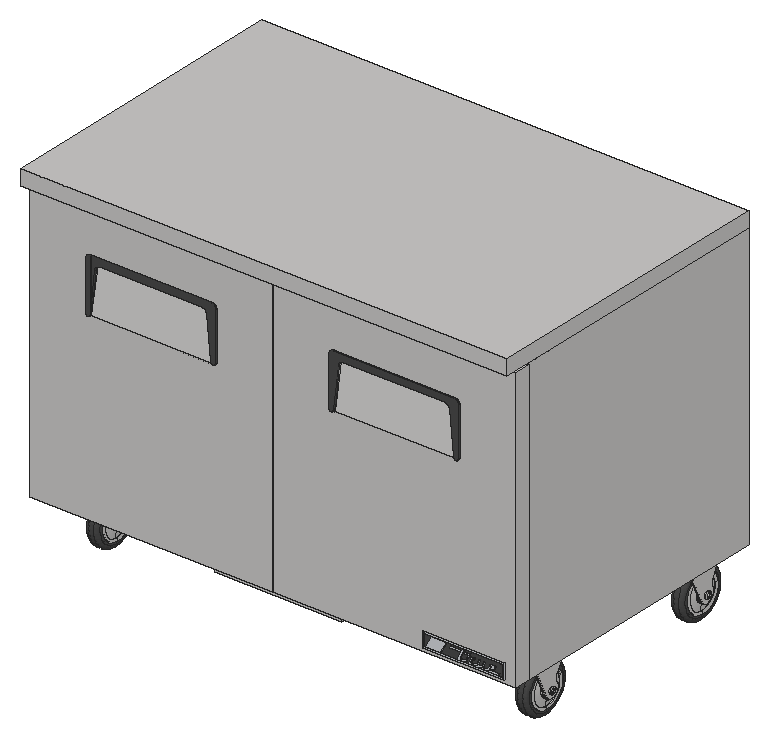
Revit family "QF_TRUE_TUC-48-HC_cat", category Specialty Equipment, Revit 2016
Family settings
  Part Type = Normal
  Round Connector Dimension = Use Diameter
  Work Plane-Based = No
  Always vertical = Yes
  Cut with Voids When Loaded = No
  Shared = Yes
  Room Calculation Point = No
Parameters (values of type "TUC-48-HC_115/60/1")
  Weight in Pounds = 260
  Watts = FL Amps * Volts  # 345 W
  Volts = 115 V
  URL Manufacturer = "www.truemfg.com"
  URL = "www.truemfg.com"
  Type Mark [instance] = ""
  Status [instance] = ""
  Show Seismic Flanged [instance] = no
  Show Legs [instance] = no
  Seismic Flanged [instance] = and(not(Show Default Model), Show Seismic Flanged)  # no
  Length = 48 5/16"
  Legs [instance] = and(not(Show Default Model), or(Show Legs, Show Seismic Flanged))  # no
  Height = 35 15/16"
  Depth = 30 1/16"
  ADA Compliant Model [instance] = and(not(Show Default Model), Show ADA Compliant Model)  # no
  Specification by User [instance] = ""
  Specification by Manufacturer = ""
  Show Low Profile Model [instance] = no
  Show Logo [instance] = yes
  Show Clearance [instance] = yes
  Show ADA Compliant Model [instance] = no
  Show Default Model [instance] = and(not(Show Seismic Flanged), not(Show ADA Compliant Model), not(Show Low Profile Model), not(Show Legs))  # yes
  Serial Number = ""
  Seismic Rating = ""
  SMACNA No = ""
  Revision Code [instance] = ""
  Phase = 1
  Omniclass Number and Title = ""
  Number of Poles [instance] = 1
  NAFEM Spec ID Number = ""
  Model = "TUC-48-HC"
  Min Ckt Ampacity = 0 A
  Max Overcurrent Protection = 0 A
  MasterSpec. = ""
  Manufacturer = "TRUE"
  Low Profile [instance] = and(not(Show Default Model), Show Low Profile Model)  # no
  Item Number [instance] = ""
  Installed By [instance] = ""
  Identify Quantity as Lot [instance] = yes
  HP = "1/5"
  Furnished By [instance] = ""
  Foodservice Equipment Identifier [instance] = yes
  FL Amps = 3 A
  Electrical Remarks [instance] = "230-240/50/1"
  Electric Connection Type [instance] = ""
  Elec Conn RI Height [instance] = 0"
  Elec Conn Connection Height [instance] = 0"
  Description = "SOLID DOOR REFRIGERATOR WITH HYDROCARBON REFRIGERANT"
  Cycle = 60 Hz
  Conn Plug = "NEMA 5-15P"
  Conn Conduit = yes
  CSI MasterFormat = ""
  CSI Master Format = ""
  Base Height [instance] = if(Show Default Model, 6 3/16", if(Legs, 6", if(ADA Compliant Model, 4 1/4", if(Show Low Profile Model, 2 1/8", 6 1/4"))))  # 6 3/16"
  Apparent Power = if(Phase = 3, Volts * FL Amps * 1.73, Volts * FL Amps)  # 345 VA
Types (2): name | Watts | Volts | HP | FL Amps | Cycle | Apparent Power
  TUC-48-HC_230-240/50/1 | 374.9 W | 230 V | "1/4" | 1.63 A | 50 Hz | 374.9 VA
  TUC-48-HC_115/60/1 | 345 W | 115 V | "1/5" | 3 A | 60 Hz | 345 VA
Reference planes (in)
  plane 1 "BACK": y = -16.5
  plane 2: z = 0
  plane 3 "LEFT": x = 0
  plane 4 "RIGHT": x = 48.3125
  plane 5 "FRONT": y = -47.5625
  plane 6 "TOP": z = 35.9375
  plane 7: z = 6.1875
  plane 8: y = -69.375
  plane 9: y = -17.5
  plane 10: y = -21.74082
  plane 11: x = 24.15625
Dimensions and locks (in)
  "Length": plane 3 "LEFT" to plane 4 "RIGHT"
  plane 4 "RIGHT" to plane 3 "LEFT" = 48 5/16"
  plane 5 "FRONT" to plane 1 "BACK" = 31 1/16"
  "Depth": plane 5 "FRONT" to plane 9
  plane 1 "BACK" to plane 8 = 52 7/8"
  "Base Height": plane 7 to level
  locked: plane 6 "TOP" to plane 7 at 29.75
  plane 6 "TOP" to level = 35 15/16"
  equal spacing: plane 3 "LEFT", plane 11, plane 4 "RIGHT"
  aligned and locked: level to plane 2
  aligned and locked: plane 3 "LEFT" to nested 1  (x2)
  aligned and locked: plane 7 to nested 1
  aligned and locked: nested 1 to plane 7
Nested families (in)
  nested 1: "TUC-48F-LP-HC" at (0, 0, 2.25), Show Logo <- "Show Logo", Show Clearance <- "Show Clearance", type "TUC-48F-LP-HC"
    with Show Logo yes, Show Clearance yes
  nested 2: "CASTERS" at (2.84375, -21.74082, 0), Show 6" Casters <- "Show Default Model", type "CASTERS"
    with Type Mark "", Status "", Specification by User "", Show 6" Casters yes, Revision Code "", Item Number "", Installed By "", Identify Quantity as Lot yes, Furnished By "", Foodservice Equipment Identifier yes
  nested 3: "CASTERS" at (2.84375, -41.06531, 0), Show 6" Casters <- "Show Default Model", type "CASTERS"
    with Type Mark "", Status "", Specification by User "", Show 6" Casters yes, Revision Code "", Item Number "", Installed By "", Identify Quantity as Lot yes, Furnished By "", Foodservice Equipment Identifier yes
  nested 4: "CASTERS" at (45.53125, -21.74082, 0), Show 6" Casters <- "Show Default Model", type "CASTERS"
    with Type Mark "", Status "", Specification by User "", Show 6" Casters yes, Revision Code "", Item Number "", Installed By "", Identify Quantity as Lot yes, Furnished By "", Foodservice Equipment Identifier yes
  nested 5: "CASTERS" at (45.53125, -41.06531, 0), Show 6" Casters <- "Show Default Model", type "CASTERS"
    with Type Mark "", Status "", Specification by User "", Show 6" Casters yes, Revision Code "", Item Number "", Installed By "", Identify Quantity as Lot yes, Furnished By "", Foodservice Equipment Identifier yes
  nested 6: "LOW PROFILE CASTERS" at (2.84375, -21.74082, 0), Show Casters <- "Low Profile", type "LOW PROFILE CASTERS"
    with Type Mark "", Status "", Specification by User "", Show Casters no, Revision Code "", Item Number "", Installed By "", Identify Quantity as Lot yes, Furnished By "", Foodservice Equipment Identifier yes
  nested 7: "LOW PROFILE CASTERS" at (45.53125, -21.74082, 0), Show Casters <- "Low Profile", type "LOW PROFILE CASTERS"
    with Type Mark "", Status "", Specification by User "", Show Casters no, Revision Code "", Item Number "", Installed By "", Identify Quantity as Lot yes, Furnished By "", Foodservice Equipment Identifier yes
  nested 8: "LOW PROFILE CASTERS" at (45.53125, -41.06531, 0), Show Casters <- "Low Profile", type "LOW PROFILE CASTERS"
    with Type Mark "", Status "", Specification by User "", Show Casters no, Revision Code "", Item Number "", Installed By "", Identify Quantity as Lot yes, Furnished By "", Foodservice Equipment Identifier yes
  nested 9: "LOW PROFILE CASTERS" at (2.84375, -41.06531, 0), Show Casters <- "Low Profile", type "LOW PROFILE CASTERS"
    with Type Mark "", Status "", Specification by User "", Show Casters no, Revision Code "", Item Number "", Installed By "", Identify Quantity as Lot yes, Furnished By "", Foodservice Equipment Identifier yes
  nested 10: "CASTERS & LEGS" at (2.84375, -21.74082, 0), Seismic Plate <- "Seismic Flanged", Show 4.25" Casters <- "ADA Compliant Model", Legs <- "Legs", type "CASTERS & LEGS"
    with Type Mark "", Status "", Specification by User "", Show 4.25" Casters no, Seismic Plate no, Revision Code "", Legs no, Item Number "", Installed By "", Identify Quantity as Lot yes, Furnished By "", Foodservice Equipment Identifier yes
  nested 11: "CASTERS & LEGS" at (45.54154, -21.74082, 0), Seismic Plate <- "Seismic Flanged", Show 4.25" Casters <- "ADA Compliant Model", Legs <- "Legs", type "CASTERS & LEGS"
    with Type Mark "", Status "", Specification by User "", Show 4.25" Casters no, Seismic Plate no, Revision Code "", Legs no, Item Number "", Installed By "", Identify Quantity as Lot yes, Furnished By "", Foodservice Equipment Identifier yes
  nested 12: "CASTERS & LEGS" at (45.54154, -41.06531, 0), Seismic Plate <- "Seismic Flanged", Show 4.25" Casters <- "ADA Compliant Model", Legs <- "Legs", type "CASTERS & LEGS"
    with Type Mark "", Status "", Specification by User "", Show 4.25" Casters no, Seismic Plate no, Revision Code "", Legs no, Item Number "", Installed By "", Identify Quantity as Lot yes, Furnished By "", Foodservice Equipment Identifier yes
  nested 13: "CASTERS & LEGS" at (2.85404, -41.06531, 0), Seismic Plate <- "Seismic Flanged", Show 4.25" Casters <- "ADA Compliant Model", Legs <- "Legs", type "CASTERS & LEGS"
    with Type Mark "", Status "", Specification by User "", Show 4.25" Casters no, Seismic Plate no, Revision Code "", Legs no, Item Number "", Installed By "", Identify Quantity as Lot yes, Furnished By "", Foodservice Equipment Identifier yes
Connectors (in)
  electrical at (44.87821, -17.5, 12), driven by "Volts", driven by "Watts"
    settings: on nested 1, index 1, voltage 115 V, apparent load 345 VA, apparent load phase1 0 VA, apparent load phase2 0 VA, apparent load phase3 0 VA, power factor 1, load classification "Other", number of poles 1, system type 30, power factor state 1, is connector primary yes, connector utility no, sub classification motor no, connector description "ELECTRICAL CONNECTION"
Definition of nested family "TUC-48F-LP-HC"
  Parameters (values of type "TUC-48F-LP-HC")
    URL = ""
    Show Logo [instance] = yes
    Show Clearance [instance] = yes
    Model = ""
    Manufacturer = ""
    Description = ""
    Assembly Code = ""
  Reference planes (in)
    plane 1 "BACK": y = -16.5
    plane 2: z = 0
    plane 3 "LEFT": x = 0
    plane 4 "RIGHT": x = 48.3125
    plane 5 "FRONT": y = -48.125
    plane 6 "TOP": z = 33.6875
    plane 7: z = 3.9375
    plane 8: x = 24.15625
    plane 9: z = 27.63
    plane 10: z = 22.15093
    plane 11: x = 12.07812
    plane 12: z = 27.63
    plane 13: z = 22.15093
    plane 14: y = -57.53306
    plane 15: y = -17.5
    plane 16: y = -47.5625
  Forms (in)
    Extrusion 1, solid
      sketch origin (0, 0, 0) x (0, 1, 0) y (0, 0, 1)
        loop
          line (-47.5625, 33.6875) -> (-47.5625, 32.17322) -> (-17.5, 32.17322) -> (-17.5, 33.6875) -> (-47.5625, 33.6875)
      from 0 to 48.3125
    Extrusion 2, solid
      sketch origin (0, 0, 0) x (0, 1, 0) y (0, 0, 1)
        loop
          line (-44.81701, 32.17322) -> (-44.81701, 3.9375) -> (-17.5, 3.9375) -> (-17.5, 32.17322) -> (-44.81701, 32.17322)
      from 0 to 48.3125
    Extrusion 3, solid
      sketch origin (4.5, -13.375, -2.32678) x (1, 0, 0) y (0, 0, 1)
        loop
          line (-4.5, 34.28323) -> (-4.5, 6.25) -> (19.625, 6.25) -> (19.625, 34.28323) -> (-4.5, 34.28323)
      from 31.44201 to 33
    Extrusion 4, solid
      sketch origin (-6, -16.5, -2.9375) x (1, 0, 0) y (0, 0, 1)
        loop
          line (22.0625, 6.875) -> (22.0625, 4.5625) -> (34.6875, 4.5625) -> (34.6875, 6.875) -> (22.0625, 6.875)
      from 1.69409 to 27
    Extrusion 5, solid
      sketch origin (-6.09375, -13.375, -2.32678) x (1, 0, 0) y (0, 0, 1)
        loop
          line (54.40625, 6.25) -> (54.40625, 34.28323) -> (30.28125, 34.28323) -> (30.28125, 6.25) -> (54.40625, 6.25)
      from 31.44201 to 33
    Extrusion 6, void
      sketch origin (-6, -45.81701, 4.49997) x (0, 0, -1) y (-1, 0, 0)
        loop
          line (-1.42325, -8) -> (-25.45648, -8) -> (-25.45648, -52.3125) -> (-1.42325, -52.3125) -> (-1.42325, -8)
      from 1 to 24
    Extrusion 7, solid, visible <- "Show Clearance", detail levels coarse
      sketch origin (11.8682, -36.72639, -0.07678) x (-1, 0, 0) y (0, -1, 0)
        loop
          line (11.8682, 9.64861) -> (11.8682, 32.39861)
          arc (11.8682, 32.39861) -> (-4.9218, 26.03684) -> (-12.2568, 9.64861) r 23.39214
          line (-12.2568, 9.64861) -> (11.8682, 9.64861)
      from 4 to 32.03323
    Revolve 8, solid
      sketch origin (-12.93057, -16.5155, 20.92322) x (1, 0, 0) y (0, 1, 0)
        loop
          line (18.64104, -0.9845) -> (19.10979, -0.9845) -> (19.10979, 0.0155) -> (18.64104, 0.0155) -> (18.64104, -0.9845)
        axis (18.64104, -0.9845) -> (18.64104, 0.0155)
      angle from 0 to 360
    Revolve 9, solid
      sketch origin (61.30557, -16.5155, 20.92322) x (-1, 0, 0) y (0, -1, 0)
        loop
          line (18.70354, 0.9845) -> (18.70354, -0.0155) -> (19.17229, -0.0155) -> (19.17229, 0.9845) -> (18.70354, 0.9845)
        axis (18.70354, 0.9845) -> (18.70354, -0.0155)
      angle from 0 to 360
    Extrusion 10, solid
      sketch origin (-13.77458, -17.5, -2.32678) x (1, 0, 0) y (0, 0, 1)
        loop
          circle (57.98125, 12) r 0.25
      from 0 to 0.0625
    Extrusion 11, solid, visible <- "Show Clearance", detail levels coarse
      sketch origin (36.5068, -36.72639, -0.07678) x (1, 0, 0) y (0, 1, 0)
        loop
          line (11.8057, -9.64861) -> (-12.3193, -9.64861)
          arc (-12.3193, -9.64861) -> (-4.9843, -26.03684) -> (11.8057, -32.39861) r 23.39214
          line (11.8057, -32.39861) -> (11.8057, -9.64861)
      from 4 to 32.03323
    Extrusion 12, void
      sketch origin (12.07812, -13.78209, 48) x (0, -1, 0) y (0, 0, 1)
        loop
          line (32.59291, -20.37) -> (31.52391, -20.37) -> (32.59291, -25.84907) -> (32.59291, -20.37)
      from -6 to 6
    Extrusion 13, solid
      sketch origin (0.07813, -46.375, 0) x (1, 0, 0) y (0, 0, 1)
        loop
          line (5.52833, 27.13) -> (5.52833, 22.36054)
          arc (5.52833, 22.36054) -> (5.74774, 22.11831) -> (6.01044, 22.31274) r 0.24342
          line (6.01044, 22.31274) -> (6.44945, 26.42717)
          arc (6.44945, 26.42717) -> (6.61215, 26.74648) -> (6.94671, 26.87491) r 0.5
          line (6.94671, 26.87491) -> (17.05329, 26.87491)
          arc (17.05329, 26.87491) -> (17.38785, 26.74648) -> (17.55055, 26.42717) r 0.5
          line (17.55055, 26.42717) -> (17.98956, 22.31274)
          arc (17.98956, 22.31274) -> (18.25226, 22.11831) -> (18.47166, 22.36054) r 0.24342
          line (18.47166, 22.36054) -> (18.47166, 27.13)
          arc (18.47166, 27.13) -> (18.32522, 27.48356) -> (17.97166, 27.63) r 0.5
          line (17.97166, 27.63) -> (6.02833, 27.63)
          arc (6.02833, 27.63) -> (5.67478, 27.48356) -> (5.52833, 27.13) r 0.5
      from 0 to 0.0625
    Extrusion 14, void
      sketch origin (36.29688, -13.78209, 48) x (0, -1, 0) y (0, 0, -1)
        loop
          line (32.59291, 20.37) -> (32.59291, 25.84907) -> (31.52391, 20.37) -> (32.59291, 20.37)
      from -6 to 6
    Extrusion 15, solid
      sketch origin (48.29687, -46.375, 0) x (-1, 0, 0) y (0, 0, -1)
        loop
          arc (5.59083, -27.13) -> (5.73728, -27.48356) -> (6.09083, -27.63) r 0.5
          line (6.09083, -27.63) -> (18.00291, -27.63)
          arc (18.00291, -27.63) -> (18.35647, -27.48356) -> (18.50291, -27.13) r 0.5
          line (18.50291, -27.13) -> (18.50291, -22.36054)
          arc (18.50291, -22.36054) -> (18.28351, -22.11831) -> (18.02081, -22.31274) r 0.24342
          line (18.02081, -22.31274) -> (17.5818, -26.42717)
          arc (17.5818, -26.42717) -> (17.4191, -26.74648) -> (17.08454, -26.87491) r 0.5
          line (17.08454, -26.87491) -> (7.00921, -26.87491)
          arc (7.00921, -26.87491) -> (6.67465, -26.74648) -> (6.51195, -26.42717) r 0.5
          line (6.51195, -26.42717) -> (6.07294, -22.31274)
          arc (6.07294, -22.31274) -> (5.81024, -22.11831) -> (5.59083, -22.36054) r 0.24342
          line (5.59083, -22.36054) -> (5.59083, -27.13)
      from 0 to 0.0625
  Cuts and joins
    Extrusion 6 cuts Extrusion 2
    Extrusion 6, Extrusion 12, Extrusion 14 cuts Extrusion 3
    Extrusion 6, Extrusion 14 cuts Extrusion 5
    Extrusion 14 cuts Extrusion 7
  Lines and regions (in)
    symbolic lines
      curve 1: line (0, -17.5, 0) -> (48.3125, -17.5, 0)
      curve 2: line (48.3125, -47.5625, 0) -> (0, -47.5625, 0)
      curve 3: line (48.3125, -17.5, 0) -> (48.3125, -47.5625, 0)
      curve 4: line (6.17922, -16.5, 0) -> (5.24172, -16.5, 0)
      curve 5: line (6.17922, -16.5, 0) -> (6.17922, -17.5, 0)
      curve 6: line (5.24172, -16.5, 0) -> (5.24172, -17.5, 0)
      curve 7: line (42.07078, -16.5, 0) -> (43.00828, -16.5, 0)
      curve 8: line (42.07078, -16.5, 0) -> (42.07078, -17.5, 0)
      curve 9: line (43.00828, -16.5, 0) -> (43.00828, -17.5, 0)
      curve 10: line (0, -17.5, 0) -> (0, -47.5625, 0)
      curve 11: arc (24.24654, -47.5625, 0) -> (25.37507, -53.11477, 0) -> (27.8051, -58.23299, 0) r 23.39786
      curve 12: line (27.8051, -58.23299, 0) -> (46.25551, -47.5625, 0)
      curve 13: arc (24.06596, -47.5625, 0) -> (22.93743, -53.11477, 0) -> (20.5074, -58.23299, 0) r 23.39786
      curve 14: line (20.5074, -58.23299, 0) -> (2.05699, -47.5625, 0)
  Dimensions and locks (in)
    plane 3 "LEFT" to plane 4 "RIGHT" = 48 5/16"
    plane 4 "RIGHT" to plane 3 "LEFT" = 48 5/16"
    plane 6 "TOP" to level = 33 11/16"
    plane 5 "FRONT" to plane 1 "BACK" = 31 5/8"
    plane 7 to level = 3 15/16"
    plane 6 "TOP" to plane 7 = 29 3/4"
    equal spacing: plane 3 "LEFT", plane 8, plane 4 "RIGHT"
    cut or joined group of Extrusion 2, Extrusion 6 to plane 1 "BACK" = 1"
    level to Extrusion 4 = 1 5/8"
    Extrusion 4 to plane 7 = 2 5/16"
    plane 1 "BACK" to plane 14 = 41.03306"
    plane 16 to plane 15 to plane 1 "BACK" = 30 1/16", 1"
    Extrusion 4 to Extrusion 4 to plane 4 "RIGHT" = 12 5/8", 19 5/8"
    aligned and locked: level to plane 2
  Automatic sketch dimensions
    curve 10 to plane 3 "LEFT" = 0"
    plane 1 "BACK" to curve 4 = 0"
    plane 1 "BACK" to curve 7 = 0"
    curve 3 to plane 4 "RIGHT" = 0"
    plane 3 "LEFT" to curve 13 = 0.74136"
    plane 3 "LEFT" to curve 4 = 5.24172"
    curve 4 to curve 5 = 15/16"
    plane 8 to curve 14 = 3.64885"
    curve 12 to plane 8 = 3.64885"
    curve 7 to plane 4 "RIGHT" = 6.24172"
    curve 7 to curve 9 = 15/16"
    curve 11 to plane 4 "RIGHT" = 0.74136"
    plane 5 "FRONT" to curve 12 = 10.10799"
    curve 14 to curve 11 = 0"
    plane 1 "BACK" to curve 3 = 1"
    plane 3 "LEFT" to curve 14 = 2.05699"
    curve 12 to plane 4 "RIGHT" = 2.05699"
    Extrusion 1 sketch curve to plane 6 "TOP" = 0"
    plane 1 "BACK" to Extrusion 1 sketch curve = 1"
    Extrusion 1 sketch curve to plane 6 "TOP" = 1.51428"
    Extrusion 2 sketch curve to plane 7 = 0"
    plane 1 "BACK" to Extrusion 2 sketch curve = 1"
    Extrusion 2 sketch curve to plane 6 "TOP" = 1.51428"
    Extrusion 3 sketch curve to plane 3 "LEFT" = 0"
    Extrusion 3 sketch curve to plane 7 = 0.01428"
    plane 8 to Extrusion 3 sketch curve = 1/32"
    Extrusion 3 sketch curve to plane 6 "TOP" = 1.73105"
    Extrusion 5 sketch curve to plane 4 "RIGHT" = 0"
    Extrusion 5 sketch curve to plane 8 = 1/32"
    Extrusion 5 sketch curve to plane 7 = 0.01428"
    Extrusion 5 sketch curve to plane 6 "TOP" = 1.73105"
    Extrusion 6 sketch curve to plane 6 "TOP" = 3.73105"
    plane 7 to Extrusion 6 sketch curve = 1.98572"
    Extrusion 6 sketch curve to plane 4 "RIGHT" = 2"
    plane 3 "LEFT" to Extrusion 6 sketch curve = 2"
    Extrusion 7 sketch curve to plane 3 "LEFT" = 0"
    plane 3 "LEFT" to Extrusion 7 sketch curve = 0.74136"
    plane 8 to Extrusion 7 sketch curve = 1/32"
    plane 1 "BACK" to Revolve 8 sketch curve = 0"
    plane 1 "BACK" to Revolve 8 sketch curve = 1"
    plane 3 "LEFT" to Revolve 8 sketch curve = 5.71047"
    Revolve 8 sketch curve to Revolve 8 sketch curve = 15/32"
    Revolve 8 sketch curve to Revolve 8 sketch curve = 0"
    Revolve 8 sketch curve to Revolve 8 sketch curve = 0.0155"
    Revolve 8 sketch curve to plane 1 "BACK" = 0.2345"
    plane 1 "BACK" to Revolve 9 sketch curve = 0"
    plane 1 "BACK" to Revolve 9 sketch curve = 1"
    Revolve 9 sketch curve to plane 4 "RIGHT" = 5.71047"
    Revolve 9 sketch curve to Revolve 9 sketch curve = 15/32"
    Revolve 9 sketch curve to Revolve 9 sketch curve = 0"
    Revolve 9 sketch curve to plane 1 "BACK" = 0.2345"
    Revolve 9 sketch curve to Revolve 9 sketch curve = 0.0155"
    Extrusion 10 sketch curve to plane 4 "RIGHT" = 4.10583"
    plane 7 to Extrusion 10 sketch curve = 5.73572"
    Extrusion 11 sketch curve to plane 4 "RIGHT" = 0"
    Extrusion 11 sketch curve to plane 4 "RIGHT" = 0.74136"
    Extrusion 11 sketch curve to plane 8 = 1/32"
    Extrusion 12 sketch curve to plane 9 = 0"
    Extrusion 12 sketch curve to plane 10 = 0"
    plane 3 "LEFT" to Extrusion 13 sketch curve = 5.60646"
    Extrusion 13 sketch curve to Extrusion 13 sketch curve = 0.24342"  (x2)
    Extrusion 13 sketch curve to Extrusion 13 sketch curve = 0.23868"  (x2)
    Extrusion 13 sketch curve to Extrusion 13 sketch curve = 1/2"
    Extrusion 13 sketch curve to Extrusion 13 sketch curve = 0.42112"
    Extrusion 13 sketch curve to Extrusion 13 sketch curve = 0.49726"  (x2)
    plane 11 to Extrusion 13 sketch curve = 5.05329"
    Extrusion 13 sketch curve to Extrusion 13 sketch curve = 0.91838"
    Extrusion 13 sketch curve to Extrusion 13 sketch curve = 0.43901"
    Extrusion 13 sketch curve to plane 6 "TOP" = 11.37476"  (x2)
    Extrusion 13 sketch curve to Extrusion 13 sketch curve = 4.06217"  (x2)
    Extrusion 13 sketch curve to Extrusion 13 sketch curve = 0.05226"
    Extrusion 13 sketch curve to Extrusion 13 sketch curve = 0.70283"
    Extrusion 14 sketch curve to plane 12 = 0"
    Extrusion 14 sketch curve to plane 13 = 0"
    Extrusion 15 sketch curve to plane 4 "RIGHT" = 5.60646"
    Extrusion 15 sketch curve to Extrusion 15 sketch curve = 0.24342"  (x2)
    Extrusion 15 sketch curve to Extrusion 15 sketch curve = 0.23868"  (x2)
    Extrusion 15 sketch curve to Extrusion 15 sketch curve = 1/2"
    Extrusion 15 sketch curve to Extrusion 15 sketch curve = 0.42112"
    Extrusion 15 sketch curve to Extrusion 15 sketch curve = 0.49726"  (x2)
    Extrusion 15 sketch curve to plane 8 = 7.05609"
    Extrusion 15 sketch curve to Extrusion 15 sketch curve = 0.91838"
    Extrusion 15 sketch curve to Extrusion 15 sketch curve = 0.43901"
    Extrusion 15 sketch curve to plane 6 "TOP" = 6.0575"
    Extrusion 15 sketch curve to Extrusion 15 sketch curve = 0.25509"
    Extrusion 15 sketch curve to Extrusion 15 sketch curve = 0.44774"  (x2)
    Extrusion 15 sketch curve to Extrusion 15 sketch curve = 4.06664"  (x2)
    curve 2 to plane 5 "FRONT" = 9/16"
    curve 2 to curve 13 = 1.85003"
    curve 2 to curve 11 = 1.85003"
    Extrusion 1 sketch curve to plane 5 "FRONT" = 9/16"
    Extrusion 2 sketch curve to plane 5 "FRONT" = 3.30799"
    Extrusion 7 sketch curve to plane 5 "FRONT" = 1 3/4"
    Extrusion 11 sketch curve to plane 5 "FRONT" = 1 3/4"
    Extrusion 12 sketch curve to plane 5 "FRONT" = 2.819"
    Extrusion 12 sketch curve to plane 5 "FRONT" = 1 3/4"
    Extrusion 14 sketch curve to plane 5 "FRONT" = 2.819"
    Extrusion 14 sketch curve to plane 5 "FRONT" = 1 3/4"
    Extrusion 7 sketch curve to Extrusion 7 sketch curve = 0.63039"
    plane 5 "FRONT" to Extrusion 11 sketch curve = 21"
    Extrusion 4 sketch curve to plane 8 = 4 17/32"
    plane 11 to Extrusion 4 sketch curve = 3 63/64"
    level to Extrusion 4 sketch curve = 1 5/8"
    Extrusion 4 sketch curve to plane 7 = 0"
    radius of Extrusion 10 sketch curve = 1/4"
  Nested families (in)
    nested 1: "QF_LOGO_TRUE" at (39.07846, -46.375, 4.21961), Show Logo <- "Show Logo", type "QF_LOGO_TRUE", detail levels medium+fine
      with Show Logo yes
  Definition of nested family "QF_LOGO_TRUE"
    Parameters (values of type "QF_LOGO_TRUE")
      Show Logo [instance] = yes
    Reference planes (in)
      plane 1 "Center (Front/Back)": y = 0
      plane 2: z = 0
      plane 3 "Center (Left/Right)": x = 0
    Forms (in)
      Extrusion 1, solid, visible <- "Show Logo"
        sketch origin (-78.34647, 34.76905, -30.51001) x (1, 0, 0) y (0, 0, 1)
          loop
            line (81.15226, 31.65456) -> (81.07353, 31.48573) -> (82.12083, 31.48573)
            arc (82.12083, 31.48573) -> (82.14208, 31.44814) -> (82.12083, 31.41055) r 0.04386
            line (82.12083, 31.41055) -> (81.84767, 30.82478)
            arc (81.84767, 30.82478) -> (81.84531, 30.77052) -> (81.882, 30.73048) r 0.07096
            line (81.882, 30.73048) -> (82.55165, 30.73048)
            arc (82.55165, 30.73048) -> (82.63621, 30.75714) -> (82.69019, 30.82748) r 0.14742
            line (82.69019, 30.82748) -> (82.90515, 31.28847) -> (83.10265, 31.28847)
            arc (83.10265, 31.28847) -> (83.15447, 31.26942) -> (83.14697, 31.21472) r 0.04405
            line (83.14697, 31.21472) -> (82.9671, 30.82899)
            arc (82.9671, 30.82899) -> (82.9699, 30.76493) -> (83.02398, 30.73048) r 0.06943
            line (83.02398, 30.73048) -> (83.6124, 30.73048)
            arc (83.6124, 30.73048) -> (83.65748, 30.74689) -> (83.68147, 30.78844) r 0.07014
            arc (83.68147, 30.78844) -> (83.69845, 30.74745) -> (83.73943, 30.73048) r 0.05796
            line (83.73943, 30.73048) -> (84.112, 30.73048)
            arc (84.112, 30.73048) -> (84.15504, 30.74201) -> (84.18655, 30.77352) r 0.08608
            arc (84.18655, 30.77352) -> (84.20164, 30.7371) -> (84.23806, 30.72202) r 0.0515
            line (84.23806, 30.72202) -> (84.76757, 30.72202)
            arc (84.76757, 30.72202) -> (84.81086, 30.73995) -> (84.8288, 30.78324) r 0.06122
            arc (84.8288, 30.78324) -> (84.86848, 30.74355) -> (84.92269, 30.72903) r 0.10842
            line (84.92269, 30.72903) -> (85.91461, 30.72903) -> (86.02479, 30.91987) -> (85.0243, 30.91987)
            arc (85.0243, 30.91987) -> (84.99669, 30.93902) -> (84.99566, 30.97261) r 0.03732
            line (84.99566, 30.97261) -> (85.01297, 31.00972)
            arc (85.01297, 31.00972) -> (85.03954, 31.04453) -> (85.0813, 31.05774) r 0.07263
            line (85.0813, 31.05774) -> (85.40289, 31.05774)
            arc (85.40289, 31.05774) -> (85.4723, 31.07633) -> (85.52311, 31.12715) r 0.13882
            line (85.52311, 31.12715) -> (85.61625, 31.28847)
            arc (85.61625, 31.28847) -> (85.61625, 31.37458) -> (85.54168, 31.41763) r 0.08611
            line (85.54168, 31.41763) -> (85.20227, 31.41763)
            arc (85.20227, 31.41763) -> (85.11574, 31.40294) -> (85.05538, 31.33923) r 0.13863
            line (85.05538, 31.33923) -> (84.89409, 30.99333)
            arc (84.89409, 30.99333) -> (84.84649, 30.9313) -> (84.77191, 30.90778) r 0.13002
            line (84.77191, 30.90778) -> (84.41984, 30.90778)
            arc (84.41984, 30.90778) -> (84.3777, 30.95378) -> (84.38042, 31.0161) r 0.08151
            line (84.38042, 31.0161) -> (84.56766, 31.41763) -> (84.44849, 31.41763) -> (84.25012, 30.99222)
            arc (84.25012, 30.99222) -> (84.21158, 30.94199) -> (84.15119, 30.92296) r 0.10527
            line (84.15119, 30.92296) -> (83.90842, 30.92296)
            arc (83.90842, 30.92296) -> (83.8674, 30.97642) -> (83.87619, 31.04323) r 0.08805
            line (83.87619, 31.04323) -> (84.05078, 31.41763) -> (83.92772, 31.41763) -> (83.72676, 30.98668)
            arc (83.72676, 30.98668) -> (83.68011, 30.94003) -> (83.61639, 30.92296) r 0.12745
            line (83.61639, 30.92296) -> (83.26484, 30.92296)
            arc (83.26484, 30.92296) -> (83.2017, 30.9524) -> (83.19563, 31.0218) r 0.06967
            line (83.19563, 31.0218) -> (83.31118, 31.26961) -> (83.47452, 31.26961)
            arc (83.47452, 31.26961) -> (83.50209, 31.35268) -> (83.56075, 31.41763) r 0.21289
            line (83.56075, 31.41763) -> (82.92244, 31.41763)
            arc (82.92244, 31.41763) -> (82.85151, 31.40191) -> (82.80242, 31.34834) r 0.12081
            line (82.80242, 31.34834) -> (82.6294, 30.9773)
            arc (82.6294, 30.9773) -> (82.58962, 30.93752) -> (82.53528, 30.92296) r 0.10869
            line (82.53528, 30.92296) -> (82.1542, 30.92296)
            arc (82.1542, 30.92296) -> (82.12446, 30.96315) -> (82.13012, 31.01283) r 0.06822
            line (82.13012, 31.01283) -> (82.38156, 31.48573) -> (83.01596, 31.48573) -> (83.09469, 31.65456) -> (82.46029, 31.65456) -> (82.53902, 31.8234) -> (82.31334, 31.8234) -> (82.23461, 31.65456) -> (81.15226, 31.65456)
          loop
            arc (85.15937, 31.26434) -> (85.13191, 31.25698) -> (85.1118, 31.23688) r 0.05494
            line (85.1118, 31.23688) -> (85.09547, 31.18665)
            arc (85.09547, 31.18665) -> (85.10304, 31.16837) -> (85.12133, 31.16079) r 0.02586
            line (85.12133, 31.16079) -> (85.39889, 31.16079)
            arc (85.39889, 31.16079) -> (85.41888, 31.16523) -> (85.43513, 31.1777) r 0.04731
            line (85.43513, 31.1777) -> (85.44863, 31.2402)
            arc (85.44863, 31.2402) -> (85.44466, 31.25693) -> (85.42914, 31.26434) r 0.01994
            line (85.42914, 31.26434) -> (85.15937, 31.26434)
          loop
            line (78.62961, 30.74125) -> (80.12032, 30.74125) -> (80.73891, 31.81268) -> (79.2482, 31.81268) -> (78.62961, 30.74125)
        from 34.76797 to 34.83173
      Extrusion 2, solid, visible <- "Show Logo"
        sketch origin (-142.84857, 34.75108, -33.3546) x (1, 0, 0) y (0, 0, 1)
          loop
            line (150.81107, 34.71978) -> (142.98607, 34.71978) -> (142.98607, 33.4921) -> (150.81107, 33.4921) -> (150.81107, 34.71978)
        from 34.75108 to 34.78125
      Extrusion 3, solid, visible <- "Show Logo"
        sketch origin (-142.84857, 34.75108, -33.3546) x (1, 0, 0) y (0, 0, 1)
          loop
            line (150.94857, 34.85727) -> (142.84857, 34.85727) -> (142.84857, 33.3546) -> (150.94857, 33.3546) -> (150.94857, 34.85727)
          loop
            line (142.98607, 34.71978) -> (142.98607, 33.4921) -> (150.81107, 33.4921) -> (150.81107, 34.71978) -> (142.98607, 34.71978)
        from 34.75108 to 34.81376
      Extrusion 4, solid, not visible
        sketch origin (121.45701, -16.5, 4.98235) x (1, 0, 0) y (0, 0, 1)
          loop
            line (25.20115, 35.89949) -> (25.20115, 33.96647) -> (30.95381, 33.96647) -> (30.95381, 35.89949) -> (25.20115, 35.89949)
        from 31.5 to 31.54261
      Extrusion 5, solid, not visible
        sketch origin (121.45701, -16.5, 4.98235) x (1, 0, 0) y (0, 0, 1)
          loop
            line (26.7387, 34.95472) -> (26.61492, 34.49276) -> (27.038, 34.49276)
            arc (27.038, 34.49276) -> (27.13117, 34.52484) -> (27.18485, 34.60749) r 0.15134
            arc (27.18485, 34.60749) -> (27.20396, 34.68138) -> (27.22435, 34.75493) r 4.37326
            arc (27.22435, 34.75493) -> (27.23458, 34.81765) -> (27.22435, 34.88037) r 0.1974
            arc (27.22435, 34.88037) -> (27.18247, 34.93579) -> (27.11563, 34.95472) r 0.10914
            line (27.11563, 34.95472) -> (26.7387, 34.95472)
          loop
            line (26.90201, 34.80638) -> (26.84645, 34.59903) -> (26.92855, 34.59903)
            arc (26.92855, 34.59903) -> (26.98205, 34.6185) -> (27.01051, 34.6678) r 0.08322
            line (27.01051, 34.6678) -> (27.02399, 34.74424)
            arc (27.02399, 34.74424) -> (27.01491, 34.78454) -> (26.97985, 34.80638) r 0.05353
            line (26.97985, 34.80638) -> (26.90201, 34.80638)
          loop
            line (27.45336, 34.66131) -> (27.76233, 34.66131) -> (27.78859, 34.73909)
            arc (27.78859, 34.73909) -> (27.7878, 34.82039) -> (27.73107, 34.87864) r 0.10925
            arc (27.73107, 34.87864) -> (27.68233, 34.8944) -> (27.63139, 34.89974) r 0.24595
            line (27.63139, 34.89974) -> (27.46708, 34.89974)
            arc (27.46708, 34.89974) -> (27.4068, 34.88073) -> (27.3535, 34.84677) r 0.2421
            arc (27.3535, 34.84677) -> (27.2897, 34.76363) -> (27.26702, 34.66131) r 0.2421
            line (27.26702, 34.66131) -> (27.26702, 34.54477)
            arc (27.26702, 34.54477) -> (27.31618, 34.4956) -> (27.38334, 34.47761) r 0.13431
            line (27.38334, 34.47761) -> (27.59054, 34.47761)
            arc (27.59054, 34.47761) -> (27.63459, 34.48281) -> (27.67622, 34.49812) r 0.18924
            line (27.67622, 34.49812) -> (27.73102, 34.61563)
            arc (27.73102, 34.61563) -> (27.68453, 34.59565) -> (27.63566, 34.58252) r 0.35376
            arc (27.63566, 34.58252) -> (27.55885, 34.56956) -> (27.48204, 34.58252) r 0.23415
            arc (27.48204, 34.58252) -> (27.44492, 34.61362) -> (27.45336, 34.66131) r 0.04838
          loop
            line (27.4842, 34.73042) -> (27.62012, 34.73042) -> (27.62621, 34.76496)
            arc (27.62621, 34.76496) -> (27.58961, 34.80242) -> (27.53739, 34.80638) r 0.0742
            arc (27.53739, 34.80638) -> (27.49747, 34.77773) -> (27.4842, 34.73042) r 0.0742
          loop
            line (27.91616, 34.97572) -> (27.78675, 34.49276) -> (27.98645, 34.49276) -> (28.11586, 34.97572) -> (27.91616, 34.97572)
          loop
            line (28.13678, 34.66131) -> (28.08755, 34.47761) -> (28.27134, 34.47761) -> (28.32056, 34.66131) -> (28.43674, 34.66131) -> (28.47974, 34.78864) -> (28.36519, 34.78864)
            arc (28.36519, 34.78864) -> (28.35733, 34.81649) -> (28.36921, 34.84288) r 0.04231
            arc (28.36921, 34.84288) -> (28.431, 34.8652) -> (28.49617, 34.85686) r 0.13988
            line (28.49617, 34.85686) -> (28.53544, 34.97317)
            arc (28.53544, 34.97317) -> (28.39725, 34.99096) -> (28.25905, 34.97317) r 0.54546
            arc (28.25905, 34.97317) -> (28.20849, 34.91994) -> (28.18197, 34.85147) r 0.1894
            line (28.18197, 34.85147) -> (28.17089, 34.78864) -> (28.11397, 34.78864) -> (28.07985, 34.66131) -> (28.13678, 34.66131)
          loop
            arc (28.74846, 34.89756) -> (28.65884, 34.88533) -> (28.56922, 34.89756) r 0.33455
            line (28.56922, 34.89756) -> (28.45669, 34.47761) -> (28.63593, 34.47761) -> (28.74846, 34.89756)
          loop
            arc (28.60398, 35.01195) -> (28.57699, 34.97173) -> (28.60398, 34.9315) r 0.04347
            line (28.60398, 34.9315) -> (28.75755, 34.9315)
            arc (28.75755, 34.9315) -> (28.78645, 34.96687) -> (28.77911, 35.01195) r 0.0556
            line (28.77911, 35.01195) -> (28.60398, 35.01195)
          loop
            line (28.95336, 34.66131) -> (29.26233, 34.66131) -> (29.28859, 34.73909)
            arc (29.28859, 34.73909) -> (29.2878, 34.82039) -> (29.23107, 34.87864) r 0.10925
            arc (29.23107, 34.87864) -> (29.18233, 34.8944) -> (29.13139, 34.89974) r 0.24595
            line (29.13139, 34.89974) -> (28.96708, 34.89974)
            arc (28.96708, 34.89974) -> (28.9068, 34.88073) -> (28.8535, 34.84677) r 0.2421
            arc (28.8535, 34.84677) -> (28.7897, 34.76363) -> (28.76702, 34.66131) r 0.2421
            line (28.76702, 34.66131) -> (28.76702, 34.54477)
            arc (28.76702, 34.54477) -> (28.81618, 34.4956) -> (28.88334, 34.47761) r 0.13431
            line (28.88334, 34.47761) -> (29.09054, 34.47761)
            arc (29.09054, 34.47761) -> (29.13459, 34.48281) -> (29.17622, 34.49812) r 0.18924
            line (29.17622, 34.49812) -> (29.23102, 34.61563)
            arc (29.23102, 34.61563) -> (29.18453, 34.59565) -> (29.13566, 34.58252) r 0.35376
            arc (29.13566, 34.58252) -> (29.05885, 34.56956) -> (28.98204, 34.58252) r 0.23415
            arc (28.98204, 34.58252) -> (28.94492, 34.61362) -> (28.95336, 34.66131) r 0.04838
          loop
            line (28.9842, 34.73042) -> (29.12012, 34.73042) -> (29.12621, 34.76496)
            arc (29.12621, 34.76496) -> (29.08961, 34.80242) -> (29.03739, 34.80638) r 0.0742
            arc (29.03739, 34.80638) -> (28.99747, 34.77773) -> (28.9842, 34.73042) r 0.0742
          loop
            line (29.41616, 34.97572) -> (29.28675, 34.49276) -> (29.48645, 34.49276) -> (29.61586, 34.97572) -> (29.41616, 34.97572)
          loop
            line (29.99836, 34.97572) -> (29.95192, 34.80242)
            arc (29.95192, 34.80242) -> (29.94473, 34.85705) -> (29.90102, 34.89059) r 0.07199
            arc (29.90102, 34.89059) -> (29.80023, 34.89941) -> (29.70251, 34.87322) r 0.29131
            arc (29.70251, 34.87322) -> (29.61806, 34.7652) -> (29.5896, 34.63108) r 0.30433
            line (29.5896, 34.63108) -> (29.5896, 34.55572)
            arc (29.5896, 34.55572) -> (29.61075, 34.50463) -> (29.66184, 34.48348) r 0.07224
            line (29.66184, 34.48348) -> (29.78537, 34.48348)
            arc (29.78537, 34.48348) -> (29.83854, 34.51313) -> (29.88504, 34.55243) r 0.31609
            line (29.88504, 34.55243) -> (29.86905, 34.49276) -> (30.05973, 34.49276) -> (30.18914, 34.97572) -> (29.99836, 34.97572)
          loop
            arc (29.84537, 34.75931) -> (29.79424, 34.71128) -> (29.77745, 34.64317) r 0.12371
            arc (29.77745, 34.64317) -> (29.80071, 34.59901) -> (29.85056, 34.59647) r 0.05045
            arc (29.85056, 34.59647) -> (29.90141, 34.64047) -> (29.92536, 34.7033) r 0.13769
            arc (29.92536, 34.7033) -> (29.90211, 34.75521) -> (29.84537, 34.75931) r 0.05543
          loop
            line (26.45047, 35.26762) -> (26.58211, 35.26762)
            arc (26.58211, 35.26762) -> (26.60467, 35.30821) -> (26.62126, 35.35157) r 0.3277
            arc (26.62126, 35.35157) -> (26.62714, 35.39992) -> (26.60877, 35.44503) r 0.09693
            arc (26.60877, 35.44503) -> (26.56454, 35.48868) -> (26.50462, 35.50516) r 0.12312
            arc (26.50462, 35.50516) -> (26.44158, 35.50565) -> (26.37854, 35.50546) r 5.76967
            arc (26.37854, 35.50546) -> (26.07462, 35.42923) -> (25.81045, 35.26076) r 0.97743
            line (25.81045, 35.26076) -> (25.85921, 35.26076)
            arc (25.85921, 35.26076) -> (26.08494, 35.39361) -> (26.3396, 35.45485) r 0.88817
            arc (26.3396, 35.45485) -> (26.41429, 35.44188) -> (26.47267, 35.39352) r 0.14748
            arc (26.47267, 35.39352) -> (26.48041, 35.32725) -> (26.45047, 35.26762) r 0.11636
          loop
            arc (26.35412, 35.17841) -> (26.19578, 35.0555) -> (26.00982, 34.98069) r 0.72453
            arc (26.00982, 34.98069) -> (25.9036, 34.95581) -> (25.79459, 34.9604) r 0.40201
            arc (25.79459, 34.9604) -> (25.7275, 34.98819) -> (25.69972, 35.05528) r 0.09488
            arc (25.69972, 35.05528) -> (25.71867, 35.12629) -> (25.77049, 35.17841) r 0.1425
            line (25.77049, 35.17841) -> (25.73665, 35.18748)
            arc (25.73665, 35.18748) -> (25.67632, 35.09876) -> (25.66924, 34.99171) r 0.20432
            arc (25.66924, 34.99171) -> (25.71443, 34.9227) -> (25.79473, 34.90384) r 0.11116
            arc (25.79473, 34.90384) -> (25.91172, 34.89904) -> (26.02716, 34.91862) r 0.56145
            arc (26.02716, 34.91862) -> (26.27675, 35.021) -> (26.49584, 35.17841) r 1.15683
            line (26.49584, 35.17841) -> (26.35412, 35.17841)
        from 31.54261 to 31.56272
    Dimensions and locks (in)
      aligned and locked: level to plane 2
      aligned and locked: Extrusion 2 to Extrusion 3  (x2)
      aligned and locked: Extrusion 2 sketch curve to Extrusion 3
Definition of nested family "CASTERS"
  Parameters
    Weight = ""
    URL Manufacturer = ""
    URL Cutsheet = ""
    URL = ""
    Type Mark [instance] = ""
    Status [instance] = ""
    Specification by User [instance] = ""
    Specification by Manufacturer = ""
    Show 6" Casters [instance] = yes
    Serial Number = ""
    Seismic Rating = ""
    SMACNA No = ""
    Revision Code [instance] = ""
    Omniclass Number and Title = ""
    NAFEM Spec ID Number = ""
    Model = ""
    MasterSpec. = ""
    Manufacturer = ""
    Item Number [instance] = ""
    Installed By [instance] = ""
    Identify Quantity as Lot [instance] = yes
    Furnished By [instance] = ""
    Foodservice Equipment Identifier [instance] = yes
    Description = ""
    CSI MasterFormat = ""
    CSI Master Format = ""
    Assembly Code = ""
  Reference planes (in)
    plane 1: z = 0
    plane 2 "RIGHT": x = 0
    plane 3 "FRONT": y = 0
    plane 4 "TOP": z = 6.25
  Forms (in)
    Revolve 1, solid, visible <- "Show 6" Casters"
      sketch origin (0, 2.21793, 0.25) x (0, 1, 0) y (0, 0, 1)
        loop
          line (-2.21793, 6) -> (-2.21793, 5.55584) -> (-0.93693, 5.55584) -> (-0.93693, 6) -> (-2.21793, 6)
        axis (-2.21793, 5.55584) -> (-2.21793, 6)
      angle from 0 to 360
    Extrusion 2, solid, visible <- "Show 6" Casters"
      sketch origin (-1.81294, 2.21793, 0) x (0, 1, 0) y (0, 0, 1)
        loop
          line (-3.37793, 5.80584) -> (-3.37793, 5.25584) -> (-3.23369, 5.25584)
          arc (-3.23369, 5.25584) -> (-3.1238, 5.20977) -> (-3.03725, 5.12786) r 0.33195
          line (-3.03725, 5.12786) -> (-1.55521, 1.94961)
          arc (-1.55521, 1.94961) -> (-0.54268, 1.81523) -> (-0.22336, 2.78544) r 0.8
          arc (-0.22336, 2.78544) -> (-0.27816, 2.89808) -> (-0.34988, 3.00079) r 0.8
          arc (-0.34988, 3.00079) -> (-0.37005, 3.3613) -> (-0.26088, 3.70547) r 1
          line (-0.26088, 3.70547) -> (0.31507, 4.78867)
          arc (0.31507, 4.78867) -> (-0.09241, 4.97284) -> (-0.5252, 5.08531) r 2.63
          line (-0.5252, 5.08531) -> (-0.54193, 5.25584) -> (-1.05793, 5.25584) -> (-1.05793, 5.80584) -> (-3.37793, 5.80584)
      from 0.78968 to 0.90247
    Extrusion 3, solid, visible <- "Show 6" Casters"
      sketch origin (0.13094, 2.21793, 0) x (0, 1, 0) y (0, 0, 1)
        loop
          line (-3.37793, 5.80584) -> (-3.37793, 5.25584) -> (-3.23369, 5.25584)
          arc (-3.23369, 5.25584) -> (-3.1238, 5.20977) -> (-3.03725, 5.12786) r 0.33195
          line (-3.03725, 5.12786) -> (-1.55521, 1.94961)
          arc (-1.55521, 1.94961) -> (-0.54268, 1.81523) -> (-0.22336, 2.78544) r 0.8
          arc (-0.22336, 2.78544) -> (-0.27816, 2.89808) -> (-0.34988, 3.00079) r 0.8
          arc (-0.34988, 3.00079) -> (-0.37005, 3.3613) -> (-0.26088, 3.70547) r 1
          line (-0.26088, 3.70547) -> (0.31507, 4.78867)
          arc (0.31507, 4.78867) -> (-0.09241, 4.97284) -> (-0.5252, 5.08531) r 2.63
          line (-0.5252, 5.08531) -> (-0.54193, 5.25584) -> (-1.05793, 5.25584) -> (-1.05793, 5.80584) -> (-3.37793, 5.80584)
      from 0.78968 to 0.90247
    Extrusion 4, solid, visible <- "Show 6" Casters"
      sketch origin (-1.93794, 2.21793, 0) x (0, 1, 0) y (0, 0, 1)
        loop
          line (-3.37793, 5.80584) -> (-3.37793, 5.25584) -> (-3.23369, 5.25584) -> (-0.7432, 5.03796) -> (0.2811, 4.72479) -> (0.31507, 4.78867)
          arc (0.31507, 4.78867) -> (-0.09241, 4.97284) -> (-0.5252, 5.08531) r 2.63
          line (-0.5252, 5.08531) -> (-0.54193, 5.25584) -> (-1.05793, 5.25584) -> (-1.05793, 5.80584) -> (-3.37793, 5.80584)
      from 1.02747 to 2.85669
    Revolve 5, solid, visible <- "Show 6" Casters"
      sketch origin (-1.93794, 1.21343, 0) x (1, 0, 0) y (0, 0, 1)
        loop
          line (0.5843, 2.5) -> (3.2907, 2.5) -> (3.2907, 2.6421) -> (3.2407, 2.6921) -> (3.1807, 2.6921) -> (3.1807, 2.8278) -> (2.7025, 2.8278) -> (2.7025, 3.22009) -> (2.5625, 3.30092) -> (2.42914, 4.125) -> (2.59375, 4.125) -> (2.59375, 4.375) -> (2.5625, 4.375) -> (2.5625, 4.625)
          arc (2.5625, 4.625) -> (2.45267, 4.89017) -> (2.1875, 5) r 0.375
          line (2.1875, 5) -> (1.6875, 5)
          arc (1.6875, 5) -> (1.42233, 4.89017) -> (1.3125, 4.625) r 0.375
          line (1.3125, 4.625) -> (1.3125, 4.375) -> (1.28125, 4.375) -> (1.28125, 4.125) -> (1.44586, 4.125) -> (1.31307, 3.30443) -> (1.1725, 3.22327) -> (1.1725, 2.8278) -> (0.6943, 2.8278) -> (0.6943, 2.6921) -> (0.6343, 2.6921) -> (0.5843, 2.6421) -> (0.5843, 2.5)
        axis (0.5843, 2.5) -> (3.2907, 2.5)
      angle from 0 to 360
  Cuts and joins
    joined: Extrusion 2, Extrusion 3, Extrusion 4
  Lines and regions (in)
    symbolic lines, visible <- "Show 6" Casters"
      curve 1: line (0.70901, 2.6399, 0) -> (1.79507, 2.01286, 0)
      curve 2: line (-1.79099, -1.69023, 0) -> (0.70901, 2.6399, 0)
      curve 3: line (-0.70493, -2.31727, 0) -> (-1.79099, -1.69023, 0)
      curve 4: line (1.79507, 2.01286, 0) -> (-0.70493, -2.31727, 0)
  Dimensions and locks (in)
    plane 4 "TOP" to level = 6 1/4"  (x2)
    aligned and locked: level to plane 1
Definition of nested family "LOW PROFILE CASTERS"
  Parameters
    Weight = ""
    URL Manufacturer = ""
    URL Cutsheet = ""
    URL = ""
    Type Mark [instance] = ""
    Status [instance] = ""
    Specification by User [instance] = ""
    Specification by Manufacturer = ""
    Show Casters [instance] = yes
    Serial Number = ""
    Seismic Rating = ""
    SMACNA No = ""
    Revision Code [instance] = ""
    Omniclass Number and Title = ""
    NAFEM Spec ID Number = ""
    Model = ""
    MasterSpec. = ""
    Manufacturer = ""
    Item Number [instance] = ""
    Installed By [instance] = ""
    Identify Quantity as Lot [instance] = yes
    Furnished By [instance] = ""
    Foodservice Equipment Identifier [instance] = yes
    Description = ""
    CSI MasterFormat = ""
    CSI Master Format = ""
  Reference planes (in)
    plane 1 "BACK": y = 0
    plane 2: z = 0
    plane 3 "LEFT": x = 0
    plane 4 "RIGHT": x = 48
    plane 5 "FRONT": y = -48
    plane 6 "TOP": z = 2.125
    plane 7: z = 0.98438
  Forms (in)
    Revolve 1, solid, visible <- "Show Casters"
      sketch origin (-1.93794, 0.71343, -1.5) x (1, 0, 0) y (0, 0, 1)
        loop
          line (1.17906, 2.17969) -> (1.17906, 2.05469) -> (1.44663, 2.05469) -> (1.44663, 1.63356)
          arc (1.44663, 1.63356) -> (1.48575, 1.53912) -> (1.58019, 1.5) r 0.13356
          line (1.58019, 1.5) -> (1.76381, 1.5)
          arc (1.76381, 1.5) -> (1.85825, 1.53912) -> (1.89737, 1.63356) r 0.13356
          line (1.89737, 1.63356) -> (1.89737, 2.05469) -> (1.97851, 2.05469) -> (1.97851, 1.63356)
          arc (1.97851, 1.63356) -> (2.01763, 1.53912) -> (2.11207, 1.5) r 0.13356
          line (2.11207, 1.5) -> (2.29569, 1.5)
          arc (2.29569, 1.5) -> (2.39013, 1.53912) -> (2.42925, 1.63356) r 0.13356
          line (2.42925, 1.63356) -> (2.42925, 2.05469) -> (2.69682, 2.05469) -> (2.69682, 2.17969) -> (1.17906, 2.17969)
        axis (1.17906, 2.17969) -> (2.69682, 2.17969)
      angle from 0 to 360
    Extrusion 2, solid, visible <- "Show Casters"
      sketch origin (-1.43794, 2.21793, -2.80325) x (0, 1, 0) y (0, 0, 1)
        loop
          line (-2.98884, 4.55325) -> (-2.98884, 3.98928) -> (-1.75639, 3.18891)
          arc (-1.75639, 3.18891) -> (-1.29435, 3.17076) -> (-1.05793, 3.56814) r 0.45218
          line (-1.05793, 3.56814) -> (-1.05793, 4.55325) -> (-2.98884, 4.55325)
      from 0.78968 to 0.90247
    Extrusion 3, solid, visible <- "Show Casters"
      sketch origin (-0.24406, 2.21793, -2.80325) x (0, 1, 0) y (0, 0, 1)
        loop
          line (-2.98884, 4.55325) -> (-2.98884, 3.98928) -> (-1.75639, 3.18891)
          arc (-1.75639, 3.18891) -> (-1.29435, 3.17076) -> (-1.05793, 3.56814) r 0.45218
          line (-1.05793, 3.56814) -> (-1.05793, 4.55325) -> (-2.98884, 4.55325)
      from 0.78968 to 0.90247
    Revolve 4, solid, visible <- "Show Casters"
      sketch origin (0, 2.21793, -4) x (0, 1, 0) y (0, 0, 1)
        loop
          line (-2.21793, 6.125) -> (-2.21793, 5.75) -> (-1.46793, 5.75) -> (-1.46793, 6.125) -> (-2.21793, 6.125)
        axis (-2.21793, 5.75) -> (-2.21793, 6.125)
      angle from 0 to 360
    Extrusion 5, solid, visible <- "Show Casters"
      sketch origin (-1.93794, 2.21793, -4) x (0, 1, 0) y (0, 0, 1)
        loop
          line (-2.98884, 5.75) -> (-2.98884, 5.46776) -> (-1.05793, 5.46776) -> (-1.05793, 5.75) -> (-2.98884, 5.75)
      from 1.40247 to 2.48356
  Lines and regions (in)
    symbolic lines, visible <- "Show Casters"
      curve 1: line (0.1802, 1.09251, 0) -> (0.82972, 0.71751, 0)
      curve 2: line (-0.8198, -0.63954, 0) -> (0.1802, 1.09251, 0)
      curve 3: line (-0.17028, -1.01454, 0) -> (-0.8198, -0.63954, 0)
      curve 4: line (0.82972, 0.71751, 0) -> (-0.17028, -1.01454, 0)
  Dimensions and locks (in)
    plane 6 "TOP" to level = 2 1/8"  (x2)
    aligned and locked: level to plane 2
Definition of nested family "CASTERS & LEGS"
  Parameters
    Weight = ""
    URL Manufacturer = ""
    URL Cutsheet = ""
    URL = ""
    Type Mark [instance] = ""
    Status [instance] = ""
    Specification by User [instance] = ""
    Specification by Manufacturer = ""
    Show 4.25" Casters [instance] = yes
    Serial Number = ""
    Seismic Rating = ""
    Seismic Plate [instance] = yes
    SMACNA No = ""
    Revision Code [instance] = ""
    Omniclass Number and Title = ""
    NAFEM Spec ID Number = ""
    Model = ""
    MasterSpec. = ""
    Manufacturer = ""
    Legs [instance] = yes
    Item Number [instance] = ""
    Installed By [instance] = ""
    Identify Quantity as Lot [instance] = yes
    Furnished By [instance] = ""
    Foodservice Equipment Identifier [instance] = yes
    Description = ""
    CSI MasterFormat = ""
    CSI Master Format = ""
    Assembly Code = ""
  Reference planes (in)
    plane 1: z = 0
    plane 2 "RIGHT": x = 0
    plane 3 "FRONT": y = 0
    plane 4 "TOP": z = 4.25
  Forms (in)
    Revolve 1, solid, visible <- "Show 4.25" Casters"
      sketch origin (-1.93794, 0.83816, -1.0041) x (1, 0, 0) y (0, 0, 1)
        loop
          line (0.74055, 2.2541) -> (3.15007, 2.2541) -> (3.15007, 2.3296) -> (3.10007, 2.3796) -> (3.04007, 2.3796) -> (3.04007, 2.49967) -> (2.62438, 2.49967) -> (2.62438, 2.68884) -> (2.48438, 2.76967) -> (2.45908, 2.92597) -> (2.51563, 2.92597) -> (2.51563, 3.16035) -> (2.48438, 3.16035) -> (2.48438, 3.5041) -> (1.375, 3.5041) -> (1.375, 3.16035) -> (1.34375, 3.16035) -> (1.34375, 2.92597) -> (1.4003, 2.92597) -> (1.37557, 2.77318) -> (1.235, 2.69202) -> (1.235, 2.49967) -> (0.85055, 2.49967) -> (0.85055, 2.3796) -> (0.79055, 2.3796) -> (0.74055, 2.3296) -> (0.74055, 2.2541)
        axis (0.74055, 2.2541) -> (3.15007, 2.2541)
      angle from 0 to 360
    Extrusion 2, solid, visible <- "Show 4.25" Casters"
      sketch origin (-1.93794, 1.80294, -2.0666) x (0, 1, 0) y (0, 0, 1)
        loop
          line (-3.08794, 5.65497) -> (-3.08794, 5.00584) -> (-2.69466, 5.00584)
          arc (-2.69466, 5.00584) -> (-1.57175, 4.94895) -> (-0.46376, 4.75787) r 9.36411
          arc (-0.46376, 4.75787) -> (-0.05889, 4.58436) -> (0.28335, 4.30705) r 1.60049
          line (0.28335, 4.30705) -> (0.34449, 4.39437)
          arc (0.34449, 4.39437) -> (0.12713, 4.6163) -> (-0.1239, 4.79931) r 1.8753
          line (-0.1239, 4.79931) -> (-0.05749, 4.91421)
          arc (-0.05749, 4.91421) -> (-0.33807, 5.05694) -> (-0.64294, 5.13542) r 1.44292
          line (-0.64294, 5.13542) -> (-0.64294, 5.65497) -> (-3.08794, 5.65497)
      from 1.1267 to 2.74918
    Revolve 3, solid, visible <- "Show 4.25" Casters"
      sketch origin (0, 2.15543, -2) x (0, 1, 0) y (0, 0, 1)
        loop
          line (-2.21793, 6.25) -> (-2.21793, 5.58837) -> (-1.05793, 5.58837) -> (-1.05793, 6.25) -> (-2.21793, 6.25)
        axis (-2.21793, 5.58837) -> (-2.21793, 6.25)
      angle from 0 to 360
    Extrusion 4, solid, visible <- "Show 4.25" Casters"
      sketch origin (-1.93794, 1.80294, -1.7541) x (0, 1, 0) y (0, 0, 1)
        loop
          line (-3.08794, 5.34247) -> (-3.08794, 4.69334) -> (-2.8913, 4.69334)
          arc (-2.8913, 4.69334) -> (-2.07295, 4.01416) -> (-1.45681, 3.14736) r 4.10005
          arc (-1.45681, 3.14736) -> (-0.85703, 2.75969) -> (-0.4561, 3.35069) r 0.5107
          arc (-0.4561, 3.35069) -> (-0.24532, 3.85516) -> (0.28335, 3.99455) r 0.61749
          line (0.28335, 3.99455) -> (0.34449, 4.08187)
          arc (0.34449, 4.08187) -> (0.12713, 4.3038) -> (-0.1239, 4.48681) r 1.8753
          line (-0.1239, 4.48681) -> (-0.05749, 4.60171)
          arc (-0.05749, 4.60171) -> (-0.33807, 4.74444) -> (-0.64294, 4.82292) r 1.44292
          line (-0.64294, 4.82292) -> (-0.64294, 5.34247) -> (-3.08794, 5.34247)
      from 2.74918 to 2.90825
    Extrusion 5, solid, visible <- "Show 4.25" Casters"
      sketch origin (1.93794, 1.80294, -1.7541) x (0, 1, 0) y (0, 0, -1)
        loop
          arc (-0.4561, -3.35069) -> (-0.85703, -2.75969) -> (-1.45681, -3.14736) r 0.5107
          arc (-1.45681, -3.14736) -> (-2.07295, -4.01416) -> (-2.8913, -4.69334) r 4.10005
          line (-2.8913, -4.69334) -> (-3.08794, -4.69334) -> (-3.08794, -5.34247) -> (-0.64294, -5.34247) -> (-0.64294, -4.82292)
          arc (-0.64294, -4.82292) -> (-0.33807, -4.74444) -> (-0.05749, -4.60171) r 1.44292
          line (-0.05749, -4.60171) -> (-0.1239, -4.48681)
          arc (-0.1239, -4.48681) -> (0.12713, -4.3038) -> (0.34449, -4.08187) r 1.8753
          line (0.34449, -4.08187) -> (0.28335, -3.99455)
          arc (0.28335, -3.99455) -> (-0.24532, -3.85516) -> (-0.4561, -3.35069) r 0.61749
      from 2.74918 to 2.90825
    Extrusion 6, solid, visible <- "Seismic Plate"
      sketch origin (30.22541, -24.4251, 0) x (-1, 0, 0) y (0, -1, 0)
        loop
          circle (30.22541, -24.4251) r 1.5
      from 0 to 0.3125
    Revolve 7, solid, visible <- "Legs"
      sketch origin (-2, 0, 0) x (1, 0, 0) y (0, 0, -1)
        loop
          line (2, -6) -> (2, 0) -> (1.5, 0) -> (1.5, -1) -> (1.25, -1) -> (0.53856, -6) -> (2, -6)
        axis (2, 0) -> (2, -6)
      angle from 0 to 360
  Cuts and joins
    joined: Extrusion 2, Extrusion 4, Extrusion 5
  Lines and regions (in)
    symbolic lines, visible <- "Show 4.25" Casters"
      curve 1: line (0.28481, 1.83041, 0) -> (1.24556, 1.27572, 0)
      curve 2: line (-1.26206, -0.84886, 0) -> (0.28481, 1.83041, 0)
      curve 3: line (-0.30132, -1.40355, 0) -> (-1.26206, -0.84886, 0)
      curve 4: line (1.24556, 1.27572, 0) -> (-0.30132, -1.40355, 0)
  Dimensions and locks (in)
    plane 4 "TOP" to level = 4 1/4"  (x2)
    aligned and locked: level to plane 1
